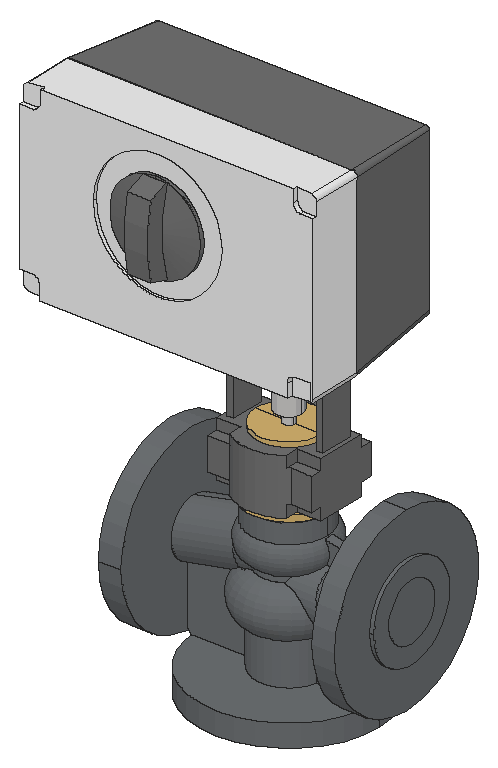
Revit family "VF3_DN15-DN100_AMV(E) 25(35)_RFA_1", category Pipe Accessories, Revit 2019
Family settings
  Round Connector Dimension = Use Diameter
  Part Type = Valve - Breaks Into
  OmniClass Number = 23.65.55.14.17
  OmniClass Title = Adjusting/Controlling Valves for Liquid Services
  Work Plane-Based = No
  Always vertical = Yes
  Cut with Voids When Loaded = No
  Shared = No
Parameters (values of type "VF3_DN15_Kv0.63_065Z0251")
  l_Top = 3 mm
  W = if(DN > 25 mm, D_Flange, (D_Flange / 2) + 63.5 mm)  # 111 mm
  Voltage = if(or(Actuator Type = [082G3024], Actuator Type = [082G3021]), 230 V, 24 V)  # 24 V
  V_SMALL LOD 200 = if(and(LOD 200, DN < 100 mm), 1 = 1, 1 = 0)  # no
  TL = L2 * 2  # 130 mm
  Power = if(or(Actuator Type = [082G3023], Actuator Type = [082G3024]), 2 VA, if(or(Actuator Type = [082G3020], Actuator Type = [082G3021]), 7 VA, if(Actuator Type = [082G3022], 9 VA, 4 VA)))  # 7 VA
  Nominal Pressure = "PN 16"  # constant formula
  L_EXT = 80 mm
  L = L2 * 2  # 130 mm
  HR = 27 mm
  ang2D [instance] = 0.00°
  Z = 22.25 mm
  Y1 = 15 mm
  Weight = 2.61 kg
  W2D = 15 mm
  W2 = 16 mm
  W1 = 17 mm
  Valve Body Material = Danfoss Grey Iron
  V_SMALL = if(and(LOD 350, DN < 100 mm), 1 = 1, 1 = 0)  # yes
  V_DN100 = if(DN > 80 mm, 1 = 1, 1 = 0)  # no
  Use Minimum Symbol Size [instance] = no
  URL = "https://store.danfoss.com/en/Climate-Solutions-for-heating/Motorised-Control-Valves-/Globe-Valves/Valves-for-Heating-and-Cooling/c/4105?q=%3Arelevance%3Adanfoss_producttypehierarchydesc%3Ae5a83680a2ce9032a48df51b56ab71b31be6d845%3Adanfoss_a50461501115_fts%3ATA1_1501116%3Adanfoss_a1015338478.nominal%3A15.0%3Adanfoss_a1015338478.nominal%3A20.0%3Adanfoss_a1015338478.nominal%3A25.0%3Adanfoss_a1015338478.nominal%3A32.0%3Adanfoss_a1015338478.nominal%3A40.0%3Adanfoss_a1015338478.nominal%3A65.0%3Adanfoss_a1015338478.nominal%3A80.0%3Adanfoss_a1015338478.nominal%3A100.0&page=0&pageSize=10"
  Stroke = "10 mm"
  R_arc = 30 mm
  R_Top = 12.5 mm
  R6_2 = 26 mm
  R6 = 22.5 mm
  R_Flow Pipe = 15 mm
  R4 = 2.75 mm
  R_Flange Bottom = 48 mm
  R2_Revolve = 6 mm
  R2 = 11 mm
  R1_Revolve = 9 mm
  R1_2 = 12.5 mm
  R1_1_1 = 15.5 mm
  R1_1 = 16 mm
  R1 = 20.5 mm
  R = 7.5 mm
  Pressure Drop [instance] = 0.0 bar
  Offset Flow Pipe_1 = 7 mm
  Offset Flow Pipe_2 = 6.47 mm
  N2 = 5 mm
  N1 = 12.7 mm
  N = 4
  Model Type = "VF3_DN15_Kv0.63"
  Model = "065Z0251"
  Min Medium Temperature = "-10 °C"  # constant formula
  Max Medium Temperature = "130 °C"  # constant formula
  Manufacturer = "Danfoss"  # constant formula
  M = 2 mm
  L_S = 48 mm
  LOD 350 = not(LOD 200)  # yes
  LOD 200 = no
  LM1 = 55 mm
  LM = 110 mm
  L2D_Min = 30.48 mm
  L2D = 130 mm
  L2 = 65 mm
  Kvs = 0.63 m³/h
  K = 65 mm
  IfcExportType = "VF3"  # constant formula
  IfcExportAs = "IfcValveType"  # constant formula
  HT2 = 23.5 mm
  HT1 = 42.75 mm
  HR1 = 23 mm
  TH1 = HH1 + 10 mm  # 95 mm
  HH1 = 85 mm
  HE1 = 54 mm
  HE = 0 mm
  HD = 14 mm
  HB3 = 2.5 mm
  HB2__ve = -HB2  # -8.5 mm
  HB2 = 8.5 mm
  HB1__ve = -HB1  # -40 mm
  HB1 = 40 mm
  H1 = 31 mm
  H2 = 95 mm
  H [instance] = 278.7 mm
  Flow [instance] = 0.0 m³/h
  Flange Bottom Depth = 12 mm
  EXT3 = 20 mm
  D_Connection End = 50 mm
  D_Flange = 95 mm
  Extrusion Top 2 = 5 mm
  Extrusion Top = 21 mm
  Extrusion Bottom = 48.5 mm
  EXT2 = -50 mm
  Description = "Motorized Control Valve"  # constant formula
  R_Vertical Valve = 18 mm
  DN15 to DN50 = if(and(DN > 10 mm, DN < 65 mm), 1 = 1, 1 = 0)  # yes
  DN = 15 mm
  D = DN  # 15 mm
  Connection = "Flange"  # constant formula
  C__ve = -C  # -2.5 mm
  CAT = 0
  C2_ve = -Depth_Flange  # -12 mm
  Depth_Flange = 12 mm
  C1 = 8 mm
  C = 2.5 mm
  HH2 = 63 mm
  Adapter assembly = 1.5 mm
  Adapter Type = Adapter_AMV(E)_RFA : Adapter_AMV(E) 15(25)(35)_DN15-50_065Z0311
  Actuator Type = AMV(E) 25(35)_RFA : AMV 35_082G3020
  A_Flow Pipe = 166.00°
  A2 = 47.1206°
  A3 = 13.00°
  A1_Flow Pipe = 168.00°
  A1 = 3 mm
  082G3022 = AMV(E) 25(35)_RFA : AME 35_082G3022
  082G3024 = AMV(E) 25(35)_RFA : AMV 25_082G3024
  082G3023 = AMV(E) 25(35)_RFA : AMV 25_082G3023
  082G3021 = AMV(E) 25(35)_RFA : AMV 35_082G3021
  082G3020 = AMV(E) 25(35)_RFA : AMV 35_082G3020
Reference planes
  plane 1 "Center (Front/Back)": y = 0
  plane 2 "XYPLANE": z = 0
  plane 3 "Center (Left/Right)": x = 0
  plane 4 "110": z = -40
  plane 5 "109": z = -63
  plane 6 "108": x = -62.5
  plane 7 "107": x = 65
  plane 8 "106": x = -65
  plane 9 "105": y = 0
  plane 10 "104": z = 0
  plane 11 "103": x = 0
  plane 12 "101": z = 85
  plane 13 "1": x = 62.5
  plane 14 "X1": z = 31
  plane 15 "X2": z = 31
  plane 16 "3": z = 54
  plane 17 "4": z = -60.5
  plane 18: z = 81.5
  plane 19: z = 79.5
  plane 20: x = 3
  plane 21: z = -48.5
  plane 22: z = -45.5
  plane 23: z = 21
  plane 24 "y1": x = 17.5
  plane 25: z = 5
  plane 26: x = 48
  plane 27: x = -16
  plane 28: x = -17.5
  plane 29: x = 85
  plane 30: x = -85
  plane 31: x = -55
  plane 32: x = 55
  plane 33: y = -85
  plane 34: y = 85
  plane 35: y = 55
  plane 36: y = -55
  plane 37: y = -47.5
  plane 38: y = 47.5
  plane 39: z = 32.5
  plane 40: y = -63.5
Forms (mm)
  Extrusion 1, solid, material "Danfoss Grey Iron" <- "Valve Body Material", detail levels fine
    sketch origin (0, 0, 0) x (1, 0, 0) y (0, 1, 0)
      loop
        circle (0, 0) r 18
    from -22.1 to -50 <- "EXT2"
  Extrusion 2, solid, material "Danfoss Grey Iron" <- "Valve Body Material", detail levels fine
    sketch origin (-65, -750, 0) x (0, 1, 0) y (0, 0, 1)
      loop
        circle (750, 0) r 25
    from 0 to 2.5 <- "C"
  Extrusion 3, solid, material "Danfoss Grey Iron" <- "Valve Body Material", detail levels fine
    sketch origin (65, -750, 0) x (0, 1, 0) y (0, 0, 1)
      loop
        circle (750, 0) r 25
    from 0 to -2.5 <- "C__ve"
  Extrusion 4, solid, material "Danfoss Grey Iron" <- "Valve Body Material", visible <- "V_SMALL", detail levels fine
    sketch origin (0, 0, 0) x (1, 0, 0) y (0, 1, 0)
      loop
        circle (0, 0) r 20.5
      loop
        circle (0, 0) r 16
    from 20 <- "EXT3" to 31 <- "H1"
  Extrusion 5, solid, not visible
    sketch origin (-750, 0, -63) x (1, 0, 0) y (0, 1, 0)
      loop
        circle (750, 0) r 10
    from 0 to 10
  Extrusion 6, solid, not visible
    sketch origin (65, -750, 0) x (0, 1, 0) y (0, 0, 1)
      loop
        circle (750, 0) r 10
    from 0 to -10
  Extrusion 7, solid, not visible
    sketch origin (-65, -750, 0) x (0, 1, 0) y (0, 0, 1)
      loop
        circle (750, 0) r 10
    from 0 to 10
  Extrusion 8, solid, material "Danfoss Grey Iron" <- "Valve Body Material", detail levels fine
    sketch origin (-62.5, -750, 0) x (0, 1, 0) y (0, 0, 1)
      loop
        circle (750, 0) r 47.5
    from 0 to 12 <- "Depth_Flange"
  Extrusion 9, solid, material "Danfoss Grey Iron" <- "Valve Body Material", detail levels fine
    sketch origin (62.5, 0, 0) x (0, 0, 1) y (0, -1, 0)
      loop
        circle (0, 0) r 47.5
    from 0 to -12 <- "C2_ve"
  Extrusion 10, solid, material "Danfoss Brass", visible <- "LOD 350", detail levels fine
    sketch origin (0, 0, 31) x (-1, 0, 0) y (0, -1, 0)
      loop
        circle (0, 0) r 12.5
    from -10 to 0 <- "HE"
  Extrusion 11, solid, material "Danfoss Brass", visible <- "LOD 350", detail levels fine
    sketch origin (0, 0, 31) x (-1, 0, 0) y (0, -1, 0)
      loop
        circle (0, 0) r 15.5
    from 0 to -10
  Extrusion 12, solid, material "Danfoss Grey Iron" <- "Valve Body Material", visible <- "LOD 350", detail levels fine
    sketch origin (0, 0, 0) x (1, 0, 0) y (0, 0, 1)
      loop
        line (-50.5, -45.5) -> (-47.714, -48.5) -> (47.714, -48.5) -> (50.5, -45.5) -> (50.5, 0) -> (-50.5, 0) -> (-50.5, -45.5)
    from -4 to 4
  Extrusion 13, solid, material "Danfoss Grey Iron" <- "Valve Body Material", detail levels fine
    sketch origin (0, 0, -60.5) x (-1, 0, 0) y (0, -1, 0)
      loop
        circle (0, 0) r 48
    from 0 to 12 <- "Flange Bottom Depth"
  Revolve 14, solid, material "Danfoss Grey Iron" <- "Valve Body Material", visible <- "V_SMALL LOD 200", detail levels fine
    sketch origin (0, 0, 0) x (1, 0, 0) y (0, 0, 1)
      loop
        line (0, 30) -> (0, -30)
        arc (0, -30) -> (21.213, -21.213) -> (30, 0) r 30
        arc (30, 0) -> (21.213, 21.213) -> (0, 30) r 30
      axis (0, 30) -> (0, -30)
    angle from 0 to 360
  Revolve 15, solid, material "Danfoss Stainless Steel AISI 304 / AISI 316L", detail levels fine
    sketch origin (0, 0, 0) x (1, 0, 0) y (0, 0, 1)
      loop
        line (0, 54) -> (3, 54) -> (3, 79.5) -> (2, 79.5) -> (2, 81.5) -> (3, 81.5) -> (3, 82.495) -> (1.246, 85) -> (0, 85) -> (0, 54)
      axis (0, 85) -> (0, 54)
    angle from 0 to 360
  Blend 16, solid, material "Danfoss Grey Iron" <- "Valve Body Material", detail levels fine
    base sketch origin (-750, 0, -63) x (1, 0, 0) y (0, 1, 0)
      loop
        circle (750, 0) r 22.5
    top sketch origin (-750, 0, -63) x (1, 0, 0) y (0, 1, 0)
      loop
        circle (750, 0) r 26
    from 0 to 2.5 <- "HB3"
  Sweep 17, solid, material "Danfoss Grey Iron" <- "Valve Body Material", detail levels fine
    path origin (0, 0, 0) x (1, 0, 0) y (0, 0, 1)
      loop
        line (-65, 0) -> (-50.5, 0) -> (-17.568, 7) -> (0, 7)
    profile origin (-57.75, 0, 0) x (0, 0, 1) y (0, -1, 0)
      loop
        circle (0, 0) r 15
  Sweep 18, solid, material "Danfoss Grey Iron" <- "Valve Body Material", detail levels fine
    path origin (0, 0, 0) x (1, 0, 0) y (0, 0, 1)
      loop
        line (69.52, 0) -> (52.304, 0) -> (26.352, -6.47) -> (0, -6.47)
    profile origin (60.912, 0, 0) x (0, 0, -1) y (0, -1, 0)
      loop
        circle (0, 0) r 15
  Extrusion 19, solid, material "Danfoss Brass", visible <- "LOD 350", detail levels fine
    sketch origin (0, 0, 31) x (-1, 0, 0) y (0, -1, 0)
      loop
        circle (0, 0) r 12.5
    from 0 to 23
  Extrusion 20, solid, material "Danfoss Grey Iron" <- "Valve Body Material", visible <- "LOD 350", detail levels fine
    sketch origin (0, 0, 0) x (1, 0, 0) y (0, 0, 1)
      loop
        line (17.5, 5) -> (50.5, 5) -> (50.5, 13.381) -> (17.5, 21) -> (17.5, 5)
    from -2.5 to 2.5
  Extrusion 21, void
    sketch origin (0, 0, 0) x (1, 0, 0) y (0, 0, 1)
      loop
        line (65, -40) -> (105, -40) -> (105, 21) -> (65, 21) -> (65, -40)
    from -48.024 to 48.024
  Extrusion 22, solid, material "Danfoss Brass", visible <- "LOD 200", detail levels fine
    sketch origin (0, 0, 31) x (-1, 0, 0) y (0, -1, 0)
      loop
        circle (0, 0) r 12.5
    from 0 to 23
  Extrusion 23, solid, material "Danfoss Grey Iron" <- "Valve Body Material", visible <- "LOD 200", detail levels fine
    sketch origin (0, 0, 0) x (1, 0, 0) y (0, 1, 0)
      loop
        circle (0, 0) r 20.5
    from 0 to 31
  Revolve 24, solid, material "Danfoss Grey Iron" <- "Valve Body Material", visible <- "V_SMALL", detail levels fine
    sketch origin (0, 0, 0) x (1, 0, 0) y (0, 0, 1)
      loop
        line (0, -27) -> (0, 23) -> (-17.5, 23)
        arc (-17.5, 23) -> (-23.469, 12.664) -> (-16, 3.354) r 10.57
        line (-16, 3.354) -> (-16, 0)
        arc (-16, 0) -> (-26.5, -13.5) -> (-16, -27) r 13.929
        line (-16, -27) -> (0, -27)
      axis (0, 23) -> (0, -27)
    angle from 0 to 360
  Extrusion 25, solid, material "Danfoss Grey Iron" <- "Valve Body Material", visible <- "V_DN100", detail levels fine
    sketch origin (0, 0, 0) x (1, 0, 0) y (0, 1, 0)
      loop
        arc (-55, 85) -> (-76.213, 76.213) -> (-85, 55) r 30
        line (-85, 55) -> (-85, -55)
        arc (-85, -55) -> (-76.213, -76.213) -> (-55, -85) r 30
        line (-55, -85) -> (55, -85)
        arc (55, -85) -> (76.213, -76.213) -> (85, -55) r 30
        line (85, -55) -> (85, 55)
        arc (85, 55) -> (76.213, 76.213) -> (55, 85) r 30
        line (55, 85) -> (-55, 85)
    from -72.476 to 72.5
Cuts and joins
  Extrusion 21 cuts Extrusion 3
  Extrusion 21 cuts Extrusion 6
  Extrusion 21 cuts Sweep 18
Lines and regions (mm)
  reference lines, not visible
    curve 1: circle (2, 2, 0) r 1 normal (0, 0, 1)
Dimensions and locks
  plane 1 "Center (Front/Back)" to curve 1 = 2 mm
  "HB1": plane 2 "XYPLANE" to plane 4 "110"
  "HH2": plane 2 "XYPLANE" to plane 5 "109"
  "C": plane 8 "106" to plane 6 "108"
  "L2": plane 3 "Center (Left/Right)" to plane 7 "107"
  "L2": plane 3 "Center (Left/Right)" to plane 8 "106"
  locked: plane 1 "Center (Front/Back)" to plane 9 "105"
  locked: plane 2 "XYPLANE" to plane 10 "104"
  locked: plane 3 "Center (Left/Right)" to plane 11 "103"
  "C": plane 13 "1" to plane 7 "107"
  "H1": plane 14 "X1" to level
  "HE": plane 15 "X2" to plane 14 "X1"
  "HH1": plane 12 "101" to level
  "HE1": plane 16 "3" to level
  plane 18 to plane 19 = 2 mm
  plane 12 "101" to plane 18 = 3.5 mm
  plane 20 to plane 11 "103" = 3 mm
  Revolve 15 sketch curve to Revolve 15 sketch curve = 1 mm  (x2)
  Revolve 15 sketch curve to Revolve 15 sketch curve = 0.995 mm
  "HB3": plane 17 "4" to plane 5 "109"
  "Offset Flow Pipe_1": Sweep 17 sketch curve to Sweep 17 sketch curve
  plane 7 "107" to plane 8 "106" = 130 mm
  "Extrusion Bottom": level to plane 21
  "A1": plane 22 to plane 21
  Extrusion 12 sketch curve to plane 21 = 0 mm  (x2)
  Extrusion 12 sketch curve to plane 22 = 0 mm
  "Offset Flow Pipe_2": Extrusion 12 to Sweep 18 sketch curve
  Sweep 18 sketch curve to Sweep 18 sketch curve = 26.352 mm
  "Extrusion Top": plane 23 to level
  "Extrusion Top 2": plane 25 to level
  Extrusion 20 sketch curve to plane 23 = 0 mm
  Extrusion 21 sketch curve to plane 7 "107" = 40 mm
  "L_S": plane 26 to plane 3 "Center (Left/Right)"
  "W2": plane 3 "Center (Left/Right)" to plane 27
  Revolve 24 sketch curve to Revolve 24 sketch curve = 3.354 mm
  "R1_Revolve": plane 28 to Revolve 24 sketch curve
  "R2_Revolve": plane 28 to Revolve 24 sketch curve
  "HR": level to Revolve 24 sketch curve
  "HR1": Revolve 24 sketch curve to level
  "l_Top": plane 20 to plane 11 "103"
  locked: plane 30 to plane 29 at 170
  equal spacing: plane 30, plane 11 "103", plane 29
  locked: plane 33 to plane 34 at 170
  equal spacing: plane 33, plane 9 "105", plane 34
  "L_EXT": plane 24 "y1" to plane 6 "108"
  "H": nested 2 to plane 5 "109"
  equal spacing: plane 37, plane 1 "Center (Front/Back)", plane 38
  "D_Flange": plane 37 to plane 38
  "Adapter assembly": plane 39 to plane 15 "X2"
  locked: nested 2 to plane 39 at 3.2
  "W": plane 40 to plane 38
  "R_Vertical Valve": radius of Extrusion 1 sketch curve
  "D_Connection End": diameter of Extrusion 2 sketch curve
  "D_Connection End": diameter of Extrusion 3 sketch curve
  "R1": radius of Extrusion 4 sketch curve
  "D_Flange": diameter of Extrusion 8 sketch curve
  "R1_1": radius of Extrusion 4 sketch curve
  "R1_2": radius of Extrusion 10 sketch curve
  "R1_1_1": radius of Extrusion 11 sketch curve
  "R_Flange Bottom": radius of Extrusion 13 sketch curve
  "R_arc": radius of Revolve 14 sketch curve  (x2)
  "R6": radius of Blend 16 sketch curve
  "R6_2": radius of Blend 16 sketch curve
  "D_Flange": diameter of Extrusion 9 sketch curve
  "R_Flow Pipe": radius of Sweep 17 sketch curve
  "R_Flow Pipe": radius of Sweep 18 sketch curve
  "R_Top": radius of Extrusion 19 sketch curve
  "R_Top": radius of Extrusion 22 sketch curve
  "R1": radius of Extrusion 23 sketch curve
  radius of Extrusion 25 sketch curve = 30 mm  (x4)
  "A1_Flow Pipe": angle Sweep 17 sketch curve to level
  "A3": angle Extrusion 20 sketch curve to plane 23
  "A2": angle Extrusion 12 sketch curve to plane 21
  "A2": angle plane 21 to Extrusion 12 sketch curve
  "A_Flow Pipe": angle Sweep 18 sketch curve to level
  aligned and locked: level to plane 2 "XYPLANE"
  aligned and locked: plane 9 "105" to Extrusion 1 sketch curve
  aligned and locked: plane 11 "103" to Extrusion 1 sketch curve
  aligned and locked: Extrusion 2 sketch curve to plane 9 "105"
  aligned and locked: plane 10 "104" to Extrusion 2 sketch curve
  aligned and locked: Extrusion 3 sketch curve to plane 9 "105"
  aligned and locked: plane 10 "104" to Extrusion 3 sketch curve
  aligned and locked: plane 9 "105" to Extrusion 4 sketch curve
  aligned and locked: plane 11 "103" to Extrusion 4 sketch curve
  aligned and locked: plane 9 "105" to Extrusion 5 sketch curve
  aligned and locked: plane 11 "103" to Extrusion 5 sketch curve
  aligned and locked: Extrusion 6 sketch curve to plane 9 "105"
  aligned and locked: plane 10 "104" to Extrusion 6 sketch curve
  aligned and locked: Extrusion 7 sketch curve to plane 9 "105"
  aligned and locked: plane 10 "104" to Extrusion 7 sketch curve
  aligned and locked: plane 1 "Center (Front/Back)" to Extrusion 8 sketch curve
  aligned and locked: plane 1 "Center (Front/Back)" to Extrusion 9 sketch curve
  aligned and locked: plane 3 "Center (Left/Right)" to Extrusion 10 sketch curve
  aligned and locked: Extrusion 8 to Extrusion 12 sketch curve
  aligned and locked: Extrusion 9 to Extrusion 12 sketch curve
  aligned and locked: Extrusion 12 sketch curve to level
  aligned and locked: plane 3 "Center (Left/Right)" to Extrusion 13 sketch curve
  aligned and locked: Revolve 14 sketch curve to plane 3 "Center (Left/Right)"
  aligned and locked: level to Revolve 14 sketch curve
  aligned and locked: Revolve 14 sketch curve to Revolve 14 sketch curve
  aligned and locked: Revolve 15 sketch curve to plane 16 "3"
  aligned and locked: Revolve 15 sketch curve to plane 11 "103"
  aligned and locked: Revolve 15 sketch curve to plane 20
  aligned and locked: Revolve 15 sketch curve to plane 19
  aligned and locked: Revolve 15 sketch curve to plane 12 "101"
  aligned and locked: plane 18 to Revolve 15 sketch curve
  aligned and locked: plane 16 "3" to Revolve 15 sketch curve
  aligned and locked: plane 12 "101" to Revolve 15 sketch curve
  aligned and locked: plane 3 "Center (Left/Right)" to Blend 16 sketch curve  (x2)
  aligned and locked: Sweep 17 sketch curve to plane 8 "106"
  aligned and locked: plane 1 "Center (Front/Back)" to Sweep 17 sketch curve
  aligned and locked: Sweep 17 sketch curve to plane 2 "XYPLANE"
  aligned and locked: Extrusion 8 to Sweep 17 sketch curve
  aligned and locked: plane 1 "Center (Front/Back)" to Sweep 18 sketch curve
  aligned and locked: plane 3 "Center (Left/Right)" to Sweep 17 sketch curve
  aligned and locked: plane 3 "Center (Left/Right)" to Sweep 18 sketch curve
  aligned and locked: plane 25 to Extrusion 20 sketch curve
  aligned and locked: plane 24 "y1" to Extrusion 20 sketch curve
  aligned and locked: Extrusion 9 to Extrusion 20 sketch curve
  aligned and locked: Extrusion 21 sketch curve to plane 4 "110"
  aligned and locked: Extrusion 21 sketch curve to plane 7 "107"
  aligned and locked: Extrusion 12 sketch curve to plane 21
  aligned and locked: plane 22 to Extrusion 12 sketch curve
  aligned and locked: plane 16 "3" to Extrusion 22
  aligned and locked: plane 15 "X2" to Extrusion 23
  aligned and locked: Extrusion 11 to plane 23
  aligned and locked: plane 28 to Revolve 24 sketch curve
  aligned and locked: Revolve 24 sketch curve to plane 27
  aligned and locked: plane 3 "Center (Left/Right)" to Revolve 24 sketch curve
  aligned and locked: level to Revolve 24 sketch curve
  aligned and locked: Extrusion 4 to Revolve 24 sketch curve
  aligned and locked: Revolve 24 sketch curve to plane 11 "103"
  aligned and locked: level to Sweep 18 sketch curve
  aligned and locked: plane 34 to Extrusion 25 sketch curve
  aligned and locked: Extrusion 25 sketch curve to plane 33
  aligned and locked: plane 30 to Extrusion 25 sketch curve
  aligned and locked: plane 3 "Center (Left/Right)" to nested 1
  aligned and locked: plane 16 "3" to Extrusion 19
  aligned and locked: Extrusion 10 to plane 23
  aligned and locked: nested 2 to plane 9 "105"
  aligned and locked: plane 11 "103" to nested 2
  aligned and locked: plane 11 "103" to nested 3
  aligned and locked: nested 3 to plane 9 "105"
  aligned and locked: nested 3 to plane 39
Automatic sketch dimensions
  plane 1 "Center (Front/Back)" to Extrusion 5 sketch curve = 10 mm
  plane 1 "Center (Front/Back)" to Extrusion 6 sketch curve = 10 mm
  plane 1 "Center (Front/Back)" to Extrusion 7 sketch curve = 10 mm
  plane 3 "Center (Left/Right)" to curve 1 = 2 mm
  Extrusion 21 sketch curve to plane 23 = 0 mm
  Extrusion 25 sketch curve to plane 32 = 0 mm
  Extrusion 4 sketch curve to Extrusion 4 sketch curve = 0 mm  (x2)
  Extrusion 8 sketch curve to level = 0 mm
  Extrusion 9 sketch curve to level = 0 mm
  plane 1 "Center (Front/Back)" to Extrusion 10 sketch curve = 0 mm
  plane 1 "Center (Front/Back)" to Extrusion 11 sketch curve = 0 mm
  Extrusion 11 sketch curve to plane 3 "Center (Left/Right)" = 0 mm
  plane 1 "Center (Front/Back)" to Extrusion 13 sketch curve = 0 mm
  Revolve 14 sketch curve to plane 4 "110" = 0 mm
  Revolve 14 sketch curve to plane 14 "X1" = 0 mm
  Revolve 15 sketch curve to plane 3 "Center (Left/Right)" = 0 mm
  Revolve 15 sketch curve to Revolve 15 sketch curve = 1.246 mm
  plane 1 "Center (Front/Back)" to Blend 16 sketch curve = 0 mm  (x2)
  profile plane to Sweep 17 sketch curve = 0 mm
  plane 7 "107" to Sweep 18 sketch curve = 4.52 mm
  Sweep 18 sketch curve to profile plane = 0 mm
  plane 1 "Center (Front/Back)" to Extrusion 19 sketch curve = 0 mm
  Extrusion 19 sketch curve to plane 3 "Center (Left/Right)" = 0 mm
  plane 1 "Center (Front/Back)" to Extrusion 22 sketch curve = 0 mm
  Extrusion 22 sketch curve to plane 3 "Center (Left/Right)" = 0 mm
  plane 1 "Center (Front/Back)" to Extrusion 23 sketch curve = 0 mm
  Extrusion 23 sketch curve to plane 3 "Center (Left/Right)" = 0 mm
  Revolve 24 sketch curve to plane 27 = 0 mm
  Revolve 24 sketch curve to plane 4 "110" = 0.457 mm
  radius of curve 1 = 1 mm
Nested families
  nested 1: "Schematic_3-Way Valve_Flange" at (0, 0, 0), type "Schematic_3-Way Valve_Flange", detail levels coarse+medium
    with L_1 43.333 mm, L1 8.125 mm, L 130 mm, H1 63 mm, H 85 mm, D1 48 mm
  nested 2: "AMV(E) 25(35)_RFA" at (0, 0, 35.7), LOD 200 <- "LOD 200", type <- "Actuator Type", Voltage <- "Voltage", Power <- "Power", visible <- "DN15 to DN50", type "AMV 35_082G3020", detail levels fine
    with Voltage 24 V, Power 7 VA, LOD 350 yes, LOD 200 no
  nested 3: "Adapter_AMV(E)_RFA" at (0, 0, 32.5), type <- "Adapter Type", visible <- "DN15 to DN50", type "Adapter_AMV(E) 15(25)(35)_DN15-50_065Z0311", detail levels fine
Connectors
  piping at (-65, 0, 0), diameter 15, driven by "D", driven by "Flow"
    settings: on Extrusion 7, index 1, connector inside diameter 609.6 mm, connector length 0 mm, flow factor 0, pipe flow 0.0 m³/h, pressure drop 0.0 bar, fitting loss kfactor 0, connector angle 0.00°, fixture units 0, engagement length 0 mm, angle of deflection 0.00°, flow configuration 0, flow direction 0, fitting loss method 0, system type 29, joint type 0, gender type 0, connector reference index 2, connector utility 0, adjustable connector no, is connector primary yes, connector description ""
  piping at (65, 0, 0), diameter 15, driven by "D", driven by "Flow"
    settings: on Extrusion 6, index 2, connector inside diameter 609.6 mm, connector length 0 mm, flow factor 0, pipe flow 0.0 m³/h, pressure drop 0.0 bar, fitting loss kfactor 0, connector angle 0.00°, fixture units 0, engagement length 0 mm, angle of deflection 0.00°, flow configuration 0, flow direction 0, fitting loss method 0, system type 29, joint type 0, gender type 0, connector reference index 1, connector utility 0, adjustable connector no, is connector primary no, connector description ""
  piping at (0, 0, -63), diameter 15, driven by "D", driven by "Flow"
    settings: on Extrusion 5, index 3, connector inside diameter 609.6 mm, connector length 0 mm, flow factor 0, pipe flow 0.0 m³/h, pressure drop 0.0 bar, fitting loss kfactor 0, connector angle 0.00°, fixture units 0, engagement length 0 mm, angle of deflection 0.00°, flow configuration 0, flow direction 0, fitting loss method 0, system type 29, joint type 0, gender type 0, connector reference index -1, connector utility 0, adjustable connector no, is connector primary no, connector description ""
  electrical at (0, 0, 0), driven by "Voltage", driven by "Power"
    settings: index 21, voltage 24 V, apparent load 0 VA, apparent load phase1 7 VA, apparent load phase2 0 VA, apparent load phase3 0 VA, power factor 0.95, load classification "HVAC", number of poles 1, system type 31, power factor state 1, is connector primary yes, connector utility no, sub classification motor no, connector description ""
Definition of nested family "AMV(E) 25(35)_RFA"
  Parameters (values of type "AME 25_082G3025")
    Weight = 1.70 kg
    W = 99 mm  # constant formula
    Voltage [instance] = 24 V
    URL = "https://store.danfoss.com/en/Climate-Solutions-for-heating/Motorised-Control-Valves/Actuators-for-Globe-Valves/Actuators-Without-Safety-Function/c/4109?q=%3Arelevance%3Adanfoss_producttypehierarchydesc%3AAME+25%3Adanfoss_producttypehierarchydesc%3AAME+35%3Adanfoss_producttypehierarchydesc%3AAMV+25%3Adanfoss_producttypehierarchydesc%3AAMV+35&text="
    Speed = "11 s/mm"
    Safety Function = "No"
    Power Supply = "24 V AC +10 to –15%"
    Power Consumption = "4 W"
    Power [instance] = 4 VA
    Output Signal = "0-10 V"
    Model Type = "AME 25"
    Model = "082G3025"
    Min Ambient Temperature = "0 °C"  # constant formula
    Max Stroke = 15 mm  # constant formula
    Max Medium Temperature = "150 °C"  # constant formula
    Max Ambient Temperature = "55 °C"  # constant formula
    Manufacturer = "Danfoss"  # constant formula
    LOD 350 [instance] = not(LOD 200)  # yes
    LOD 200 [instance] = no
    L = 155 mm
    IfcExportType = "AME 25"
    IfcExportAs = "IfcActuatorType"  # constant formula
    H = 180 mm
    Description = "Actuator"  # constant formula
    Control Input Signal = "0-10 V/ 0-20 mA"
    Closing Force = "1000 N"
    Body Material = none
  Types (7, lengths in mm): name | Weight | Voltage | Speed | Power Supply | Power Consumption | Power | Output Signal | Model Type | Model | IfcExportType | Control Input Signal | Closing Force
    (no name) | 1.70 kg | 24 V | "11 s/mm" | "24 V AC +10 to –15%" | "4 W" | 4 VA | "0-10 V" | "AME 25" | "082G3025" | "AME 25" | "0-10 V/ 0-20 mA" | "1000 N"
    AMV 35_082G3020 | 1.55 kg | 24 V | "3 s/mm" | "24 V AC, +10 to –15 %" | "7 W" | 7 VA | "End travel position feedback" | "AMV 35" | "082G3020" | "AMV 35" | "3-point triac control" | "600 N"
    AMV 25_082G3023 | 1.55 kg | 24 V | "11 s/mm" | "24 V AC, +10 to –15 %" | "2 W" | 2 VA | "End travel position feedback" | "AMV 25" | "082G3023" | "AMV 25" | "3-point triac control" | "1000 N"
    AMV 35_082G3021 | 1.55 kg | 230 V | "3 s/mm" | "230 V AC, +10 to –15 %" | "7 W" | 7 VA | "End travel position feedback" | "AMV 35" | "082G3021" | "AMV 35" | "3-point triac control" | "600 N"
    AMV 25_082G3024 | 1.55 kg | 230 V | "11 s/mm" | "230 V AC, +10 to –15 %" | "2 W" | 2 VA | "End travel position feedback" | "AMV 25" | "082G3024" | "AMV 25" | "3-point triac control" | "1000 N"
    AME 25_082G3025 | 1.70 kg | 24 V | "11 s/mm" | "24 V AC +10 to –15%" | "4 W" | 4 VA | "0-10 V" | "AME 25" | "082G3025" | "AME 25" | "0-10 V/ 0-20 mA" | "1000 N"
    AME 35_082G3022 | 1.70 kg | 24 V | "3 s/mm" | "24 V AC +10 to –15%" | "9 W" | 9 VA | "0-10 V" | "AME 35" | "082G3022" | "AME 35" | "0-10 V/ 0-20 mA" | "600 N"
  Reference planes
    plane 1 "Center (Front/Back)": y = 0
    plane 2: z = 0
    plane 3 "Center (Left/Right)": x = 0
    plane 4: z = 180
    plane 5: x = 28
    plane 6 "1": x = -28
    plane 7: x = 51
    plane 8: x = -104
    plane 9: z = 74
    plane 10: z = 29.5
    plane 11: y = -63.5
    plane 12: y = -52.5
    plane 13: y = 35.5
    plane 14: y = 23
    plane 15: y = -23
    plane 16: x = 22
    plane 17: x = -22
    plane 18: x = 46
    plane 19: x = -99
    plane 20: z = 79
    plane 21: z = 175
    plane 22: z = 176
    plane 23: z = 78
    plane 24: y = -47.5
    plane 25: z = 173.2
    plane 26: z = 80.8
    plane 27: z = 134.5
    plane 28 "2": x = -31
    plane 29: x = -97
    plane 30: x = 44
    plane 31: x = -71.6
    plane 32: x = 11
    plane 33: y = -18.5
  Forms (mm)
    Extrusion 1, solid, material <- "Body Material", visible <- "LOD 350"
      sketch origin (0, 0, 0) x (1, 0, 0) y (0, 1, 0)
        loop
          arc (-16.248, -19) -> (0, -25) -> (16.248, -19) r 25
          line (16.248, -19) -> (27.62, -19) -> (27.62, 20) -> (15, 20)
          arc (15, 20) -> (0, 25) -> (-15, 20) r 25
          line (-15, 20) -> (-27.62, 20) -> (-27.62, -19) -> (-16.248, -19)
      from 0 to 29.5
    Extrusion 2, solid, material <- "Body Material", visible <- "LOD 350"
      sketch origin (0, 0, 0) x (1, 0, 0) y (0, 0, 1)
        loop
          line (22, 66.67) -> (22, 29.5) -> (25.4, 29.5) -> (25.4, 66.67) -> (22, 66.67)
      from -9 to 9
    Extrusion 3, solid, material <- "Body Material", visible <- "LOD 350"
      sketch origin (0, 0, 0) x (-1, 0, 0) y (0, 0, -1)
        loop
          line (22, -66.67) -> (25.4, -66.67) -> (25.4, -29.5) -> (22, -29.5) -> (22, -66.67)
      from -9 to 9
    Blend 4, solid, visible <- "LOD 350"
      base sketch origin (0, 0, 0) x (1, 0, 0) y (0, 0, 1)
        loop
          line (51, 80.879) -> (51, 173.2)
          arc (51, 173.2) -> (50.295, 175.174) -> (48.5, 176.255) r 3.117
          arc (48.5, 176.255) -> (-26.5, 180.013) -> (-101.5, 176.255) r 750.263
          arc (-101.5, 176.255) -> (-103.295, 175.174) -> (-104, 173.2) r 3.117
          line (-104, 173.2) -> (-104, 80.8)
          arc (-104, 80.8) -> (-103.295, 78.826) -> (-101.5, 77.745) r 3.117
          arc (-101.5, 77.745) -> (-26.535, 73.991) -> (48.429, 77.738) r 751.077
          arc (48.429, 77.738) -> (50.275, 78.849) -> (51, 80.879) r 3.204
      top sketch origin (0, 0, 0) x (1, 0, 0) y (0, 0, 1)
        loop
          line (-104, 173.2) -> (-104, 80.8)
          arc (-104, 80.8) -> (-103.295, 78.826) -> (-101.5, 77.745) r 3.117
          arc (-101.5, 77.745) -> (-26.535, 73.991) -> (48.429, 77.738) r 751.077
          arc (48.429, 77.738) -> (50.275, 78.849) -> (51, 80.879) r 3.204
          line (51, 80.879) -> (51, 173.2)
          arc (51, 173.2) -> (50.295, 175.174) -> (48.5, 176.255) r 3.117
          arc (48.5, 176.255) -> (-26.5, 180.013) -> (-101.5, 176.255) r 750.263
          arc (-101.5, 176.255) -> (-103.295, 175.174) -> (-104, 173.2) r 3.117
      from 18.5 to 47.5
    Revolve 5, solid, material <- "Body Material", visible <- "LOD 350"
      sketch origin (-31, 0, 0) x (0, 0, 1) y (0, -1, 0)
        loop
          line (158.578, 47.5) -> (158.578, 49.125) -> (140.681, 52.5) -> (134.5, 52.5) -> (134.5, 47.5) -> (158.578, 47.5)
        axis (134.5, 47.5) -> (134.5, 52.5)
      angle from 0 to 360
    Extrusion 6, solid, material <- "Body Material", visible <- "LOD 350"
      sketch origin (0, 0, 0) x (0, 1, 0) y (0, 0, 1)
        loop
          arc (-60.012, 154.017) -> (-62.138, 134.481) -> (-59.912, 114.956) r 88.747
          line (-59.912, 114.956) -> (-49.125, 111.369)
          arc (-49.125, 111.369) -> (-52.74, 134.5) -> (-49.125, 157.631) r 75.818
          line (-49.125, 157.631) -> (-60.012, 154.017)
      from -37 to -25
    Extrusion 7, void
      sketch origin (0, 0, 0) x (1, 0, 0) y (0, 0, 1)
        loop
          circle (-31, 134.5) r 34.064
      from 46 to 47.5
    Extrusion 8, void
      sketch origin (0, 0, 0) x (1, 0, 0) y (0, 0, 1)
        loop
          line (-105.641, 75.49) -> (-93.5, 75.49) -> (-93.5, 84.02)
          arc (-93.5, 84.02) -> (-94.489, 86.765) -> (-97, 88.25) r 4.307
          line (-97, 88.25) -> (-105.641, 88.25) -> (-105.641, 75.49)
        loop
          line (49.641, 75.49) -> (49.641, 88.25) -> (41, 88.25)
          arc (41, 88.25) -> (38.489, 86.765) -> (37.5, 84.02) r 4.307
          line (37.5, 84.02) -> (37.5, 75.49) -> (49.641, 75.49)
        loop
          line (-105.328, 179.135) -> (-105.328, 166.375) -> (-96.687, 166.375)
          arc (-96.687, 166.375) -> (-94.176, 167.86) -> (-93.188, 170.605) r 4.307
          line (-93.188, 170.605) -> (-93.188, 179.135) -> (-105.328, 179.135)
        loop
          line (52.766, 179.135) -> (40.625, 179.135) -> (40.625, 170.605)
          arc (40.625, 170.605) -> (41.614, 167.86) -> (44.125, 166.375) r 4.307
          line (44.125, 166.375) -> (52.766, 166.375) -> (52.766, 179.135)
      from 45 to 47.5
    Extrusion 9, void
      sketch origin (0, 0, 0) x (1, 0, 0) y (0, 0, 1)
        loop
          line (-31, 6.656) -> (-31, 0) -> (-15, 0) -> (-15, 6.656) -> (-31, 6.656)
        loop
          line (-31, 29.5) -> (-31, 23.7) -> (-14.998, 23.7) -> (-14.998, 29.5) -> (-31, 29.5)
        loop
          line (31, 6.656) -> (15, 6.656) -> (15, 0) -> (31, 0) -> (31, 6.656)
        loop
          line (31, 29.5) -> (14.998, 29.5) -> (14.998, 23.7) -> (31, 23.7) -> (31, 29.5)
      from 13 to 23
    Extrusion 10, void
      sketch origin (0, 0, 20) x (1, 0, 0) y (0, 0, 1)
        loop
          line (-31, -13.344) -> (-31, -20) -> (-15, -20) -> (-15, -13.344) -> (-31, -13.344)
        loop
          line (-31, 9.5) -> (-31, 3.075) -> (-14.998, 3.075) -> (-14.998, 9.5) -> (-31, 9.5)
        loop
          line (31, -13.344) -> (15, -13.344) -> (15, -20) -> (31, -20) -> (31, -13.344)
        loop
          line (31, 9.5) -> (14.998, 9.5) -> (14.998, 3.075) -> (31, 3.075) -> (31, 9.5)
      from -23 to -13
    Blend 11, solid, material <- "Body Material", visible <- "LOD 350"
      base sketch origin (0, 0, 0) x (1, 0, 0) y (0, 0, 1)
        loop
          line (46, 84.457) -> (46, 169.923)
          arc (46, 169.923) -> (45.381, 171.333) -> (44, 172.016) r 2.252
          arc (44, 172.016) -> (-26.5, 175.001) -> (-97, 172.016) r 833.803
          arc (-97, 172.016) -> (-98.399, 171.314) -> (-99, 169.868) r 2.245
          line (-99, 169.868) -> (-99, 84.555)
          arc (-99, 84.555) -> (-98.521, 83.217) -> (-97.303, 82.487) r 2.109
          arc (-97.303, 82.487) -> (-26.456, 78.998) -> (44.391, 82.496) r 720.254
          arc (44.391, 82.496) -> (45.546, 83.189) -> (46, 84.457) r 2
      top sketch origin (0, 0, 0) x (1, 0, 0) y (0, 0, 1)
        loop
          line (-104, 173.2) -> (-104, 80.8)
          arc (-104, 80.8) -> (-103.295, 78.826) -> (-101.5, 77.745) r 3.117
          arc (-101.5, 77.745) -> (-26.535, 73.991) -> (48.429, 77.738) r 751.077
          arc (48.429, 77.738) -> (50.275, 78.849) -> (51, 80.879) r 3.204
          line (51, 80.879) -> (51, 173.2)
          arc (51, 173.2) -> (50.295, 175.174) -> (48.5, 176.255) r 3.117
          arc (48.5, 176.255) -> (-26.5, 180.013) -> (-101.5, 176.255) r 750.263
          arc (-101.5, 176.255) -> (-103.295, 175.174) -> (-104, 173.2) r 3.117
      from -35.5 to 18.5
    Extrusion 12, solid, material <- "Body Material", visible <- "LOD 200"
      sketch origin (0, 0, 0) x (0, 1, 0) y (0, 0, 1)
        loop
          line (-18.5, 180) -> (-18.5, 74) -> (35.5, 74) -> (35.5, 180) -> (-18.5, 180)
      from -104 to 51
    Extrusion 13, solid, material <- "Body Material", visible <- "LOD 200"
      sketch origin (0, 0, 0) x (1, 0, 0) y (0, 1, 0)
        loop
          line (28, 23) -> (-28, 23) -> (-28, -23) -> (28, -23) -> (28, 23)
      from 0 to 29.5
    Extrusion 14, solid, visible <- "LOD 200"
      sketch origin (0, 0, 0) x (1, 0, 0) y (0, 0, 1)
        loop
          line (-104, 180) -> (-104, 74) -> (51, 74) -> (51, 180) -> (-104, 180)
      from 18.5 to 47.5
    Extrusion 15, solid, material <- "Body Material", visible <- "LOD 200"
      sketch origin (0, 0, 0) x (1, 0, 0) y (0, 0, 1)
        loop
          line (-22, 74) -> (-25.625, 74) -> (-25.625, 29.5) -> (-22, 29.5) -> (-22, 74)
        loop
          line (22, 74) -> (22, 29.5) -> (25.625, 29.5) -> (25.625, 74) -> (22, 74)
      from -9.158 to 8.842
    Extrusion 16, solid, material <- "Body Material", visible <- "LOD 350"
      sketch origin (0, 0, 0) x (1, 0, 0) y (0, 1, 0)
        loop
          arc (-34.009, -3.471) -> (-33.748, -4.299) -> (-33.059, -4.828) r 1.445
          line (-33.059, -4.828) -> (-6.897, -15.933)
          arc (-6.897, -15.933) -> (-0.134, -17.309) -> (6.63, -15.933) r 17.31
          line (6.63, -15.933) -> (33.124, -4.803)
          arc (33.124, -4.803) -> (33.768, -4.27) -> (34.009, -3.471) r 1.445
          line (34.009, -3.471) -> (34.009, 3.471)
          arc (34.009, 3.471) -> (33.766, 4.277) -> (33.116, 4.814) r 1.457
          line (33.116, 4.814) -> (6.343, 16.053)
          arc (6.343, 16.053) -> (-0.134, 17.371) -> (-6.61, 16.053) r 16.576
          line (-6.61, 16.053) -> (-32.954, 4.871)
          arc (-32.954, 4.871) -> (-33.716, 4.347) -> (-34.009, 3.471) r 1.457
          line (-34.009, 3.471) -> (-34.009, -3.471)
      from 66.67 to 79
    Revolve 17, solid, material <- "Body Material", visible <- "LOD 350"
      sketch origin (0, 0, 0) x (1, 0, 0) y (0, 0, 1)
        loop
          line (0, 79) -> (0, 49.15) -> (4, 49.15) -> (4, 55.05) -> (1.999, 55.05) -> (1.999, 57.174) -> (8, 57.174) -> (8, 79) -> (0, 79)
        axis (0, 79) -> (0, 49.15)
      angle from 0 to 360
  Cuts and joins
    Extrusion 7, Extrusion 8 cuts Blend 4
    Extrusion 9, Extrusion 10 cuts Extrusion 1
  Dimensions and locks
    "H": plane 4 to level
    "L": plane 7 to plane 8
    locked: plane 5 to plane 6 "1" at 56
    equal spacing: plane 5, plane 3 "Center (Left/Right)", plane 6 "1"
    locked: plane 4 to plane 9 at 106
    plane 1 "Center (Front/Back)" to plane 12 = 52.5 mm
    locked: plane 13 to plane 12 at 88
    locked: plane 17 to plane 6 "1" at 6
    locked: plane 5 to plane 16 at 6
    plane 18 to plane 19 = 145 mm
    locked: plane 4 to plane 27 at 45.5
    locked: plane 3 "Center (Left/Right)" to plane 28 "2" at 31
    Extrusion 9 sketch curve to Extrusion 9 sketch curve to Extrusion 9 sketch curve = 16.002 mm, 0 mm
    Extrusion 9 sketch curve to Extrusion 9 sketch curve to Extrusion 9 sketch curve = 16 mm, 30 mm
    Extrusion 9 sketch curve to Extrusion 9 sketch curve = 29.996 mm
    Extrusion 9 sketch curve to Extrusion 9 sketch curve = 16.002 mm
    equal spacing: Extrusion 9 sketch curve, Extrusion 9 sketch curve, Extrusion 9 sketch curve
    Extrusion 10 sketch curve to Extrusion 10 sketch curve to Extrusion 10 sketch curve = 16.002 mm, 0 mm
    Extrusion 10 sketch curve to Extrusion 10 sketch curve to Extrusion 10 sketch curve = 16 mm, 30 mm
    Extrusion 10 sketch curve to Extrusion 10 sketch curve = 29.996 mm
    Extrusion 10 sketch curve to Extrusion 10 sketch curve = 16.002 mm
    equal spacing: Extrusion 10 sketch curve, Extrusion 10 sketch curve, Extrusion 10 sketch curve
    locked: plane 1 "Center (Front/Back)" to plane 33 at 18.5
    locked: Extrusion 3 to plane 10 at 37.17
    plane 24 to plane 1 "Center (Front/Back)" = 47.5 mm
    plane 11 to plane 24 = 16 mm
    plane 12 to plane 24 = 5 mm
    "W": plane 11 to plane 13
    radius of Extrusion 1 sketch curve = 25 mm  (x2)
    radius of Extrusion 7 sketch curve = 34.064 mm
    radius of Blend 11 sketch curve = 2 mm
    radius of Blend 11 sketch curve = 2.109 mm
    radius of Blend 11 sketch curve = 2.252 mm
    radius of Blend 11 sketch curve = 2.245 mm
    aligned and locked: level to plane 2
    aligned and locked: plane 3 "Center (Left/Right)" to Extrusion 1 sketch curve
    aligned and locked: plane 1 "Center (Front/Back)" to Extrusion 1 sketch curve
    aligned and locked: plane 10 to Extrusion 1
    aligned and locked: Extrusion 2 sketch curve to plane 16
    aligned and locked: Extrusion 2 sketch curve to plane 10
    aligned and locked: Extrusion 3 sketch curve to plane 17
    aligned and locked: Blend 4 sketch curve to plane 8
    aligned and locked: Blend 4 sketch curve to plane 7
    aligned and locked: plane 24 to Blend 4
    aligned and locked: plane 24 to Revolve 5 sketch curve
    aligned and locked: plane 27 to Revolve 5 sketch curve
    aligned and locked: plane 12 to Revolve 5 sketch curve
    aligned and locked: Revolve 5 sketch curve to plane 27
    aligned and locked: Extrusion 6 to Revolve 5
    aligned and locked: plane 28 "2" to Extrusion 7 sketch curve
    aligned and locked: plane 27 to Extrusion 7 sketch curve
    aligned and locked: plane 24 to Extrusion 8
    aligned and locked: Blend 4 to Extrusion 7
    aligned and locked: plane 15 to Extrusion 9
    aligned and locked: plane 10 to Extrusion 9 sketch curve
    aligned and locked: Extrusion 9 sketch curve to plane 10
    aligned and locked: Extrusion 10 sketch curve to level
    aligned and locked: level to Extrusion 10 sketch curve
    aligned and locked: plane 10 to Extrusion 10 sketch curve
    aligned and locked: Extrusion 10 sketch curve to plane 10
    aligned and locked: Extrusion 10 to plane 14
    aligned and locked: cut or joined group of Blend 4, Extrusion 7, Extrusion 8 to plane 33
    aligned and locked: Blend 4 sketch curve to var sketch  (x6)
    aligned and locked: plane 18 to Blend 11 sketch curve
    aligned and locked: plane 19 to Blend 11 sketch curve
    aligned and locked: Blend 11 sketch curve to cut or joined group of Blend 4, Extrusion 7, Extrusion 8  (x6)
    aligned and locked: plane 33 to Blend 11
    aligned and locked: Blend 11 to plane 13
    aligned and locked: plane 13 to Extrusion 12 sketch curve
    aligned and locked: plane 4 to Extrusion 12 sketch curve
    aligned and locked: plane 9 to Extrusion 12 sketch curve
    aligned and locked: Extrusion 13 sketch curve to plane 14
    aligned and locked: Extrusion 13 sketch curve to plane 6 "1"
    aligned and locked: Extrusion 13 sketch curve to plane 15
    aligned and locked: Extrusion 13 sketch curve to plane 5
    aligned and locked: plane 10 to Extrusion 13
    aligned and locked: plane 33 to Extrusion 12
    aligned and locked: Extrusion 14 sketch curve to plane 4
    aligned and locked: Extrusion 14 sketch curve to plane 7
    aligned and locked: Extrusion 14 sketch curve to plane 9
    aligned and locked: Extrusion 14 sketch curve to plane 8
    aligned and locked: Extrusion 14 to plane 33
    aligned and locked: plane 24 to Extrusion 14
    aligned and locked: Extrusion 15 sketch curve to plane 17
    aligned and locked: Extrusion 15 sketch curve to plane 16
    aligned and locked: Extrusion 15 sketch curve to plane 10  (x2)
    aligned and locked: Extrusion 15 sketch curve to plane 9  (x2)
    aligned and locked: plane 20 to Extrusion 16
    aligned and locked: Revolve 17 sketch curve to plane 3 "Center (Left/Right)"  (x2)
    aligned and locked: Revolve 17 sketch curve to plane 20
  Automatic sketch dimensions
    Extrusion 1 sketch curve to Extrusion 1 sketch curve = 0 mm  (x2)
    plane 14 to Extrusion 1 sketch curve = 3 mm  (x2)
    Extrusion 1 sketch curve to plane 15 = 4 mm  (x2)
    plane 6 "1" to Extrusion 1 sketch curve = 0.38 mm
    Extrusion 1 sketch curve to plane 5 = 0.38 mm
    Blend 4 sketch curve to plane 26 = 0 mm
    Blend 4 sketch curve to plane 25 = 0 mm  (x2)
    Blend 4 sketch curve to plane 19 = 1.883 mm  (x2)
    plane 6 "1" to Blend 4 sketch curve = 1.5 mm  (x2)
    plane 26 to Blend 4 sketch curve = 0.079 mm
    Blend 4 sketch curve to Blend 4 sketch curve = 3.204 mm
    Blend 4 sketch curve to Blend 4 sketch curve = 3.117 mm
    Blend 4 sketch curve to level = 570.25 mm
    plane 4 to Blend 4 sketch curve = 645.068 mm
    plane 22 to Blend 4 sketch curve = 0.255 mm
    Blend 4 sketch curve to plane 23 = 0.255 mm
    Extrusion 8 sketch curve to plane 29 = 0 mm
    Extrusion 8 sketch curve to plane 29 = 0.494 mm
    Extrusion 8 sketch curve to plane 29 = 0.807 mm
    Extrusion 8 sketch curve to plane 8 = 1.328 mm
    Extrusion 8 sketch curve to plane 8 = 1.641 mm
    plane 29 to Extrusion 8 sketch curve = 0.313 mm
    plane 9 to Extrusion 8 sketch curve = 1.49 mm  (x2)
    plane 29 to Extrusion 8 sketch curve = 3.5 mm
    Extrusion 8 sketch curve to plane 4 = 0.865 mm  (x2)
    plane 29 to Extrusion 8 sketch curve = 3.812 mm
    Extrusion 8 sketch curve to plane 30 = 6.5 mm
    Extrusion 8 sketch curve to plane 30 = 3.375 mm
    Extrusion 8 sketch curve to plane 30 = 3 mm
    Extrusion 8 sketch curve to plane 30 = 2.193 mm
    plane 30 to Extrusion 8 sketch curve = 0.125 mm
    plane 30 to Extrusion 8 sketch curve = 0.932 mm
    Extrusion 8 sketch curve to plane 7 = 1.359 mm
    plane 7 to Extrusion 8 sketch curve = 1.766 mm
    plane 20 to Extrusion 8 sketch curve = 5.02 mm  (x2)
    Extrusion 8 sketch curve to plane 21 = 8.625 mm  (x2)
    Extrusion 9 sketch curve to plane 28 "2" = 0 mm
    Extrusion 9 sketch curve to level = 0 mm  (x2)
    plane 5 to Extrusion 9 sketch curve = 3 mm
    level to Extrusion 9 sketch curve = 6.656 mm  (x2)
    Extrusion 9 sketch curve to Extrusion 9 sketch curve = 5.8 mm  (x2)
    Extrusion 10 sketch curve to plane 28 "2" = 0 mm
    plane 5 to Extrusion 10 sketch curve = 3 mm
    Extrusion 10 sketch curve to plane 10 = 22.844 mm  (x2)
    Extrusion 10 sketch curve to Extrusion 10 sketch curve = 6.425 mm  (x2)
    Blend 11 sketch curve to plane 29 = 0 mm
    Blend 11 sketch curve to plane 30 = 0 mm
    plane 6 "1" to Blend 11 sketch curve = 1.5 mm  (x2)
    Blend 11 sketch curve to plane 30 = 0.247 mm
    plane 20 to Blend 11 sketch curve = 5.457 mm
    level to Blend 11 sketch curve = 84.555 mm
    Blend 11 sketch curve to plane 21 = 5.222 mm
    Blend 11 sketch curve to Blend 11 sketch curve = 0.085 mm
    plane 4 to Blend 11 sketch curve = 619.252 mm
    Blend 11 sketch curve to plane 29 = 0.303 mm
    Blend 11 sketch curve to level = 658.801 mm
    Extrusion 12 sketch curve to plane 24 = 29 mm
    Extrusion 15 sketch curve to Extrusion 15 sketch curve = 3.625 mm  (x2)
    Extrusion 3 sketch curve to plane 10 = 0 mm
    Extrusion 3 sketch curve to plane 6 "1" = 2.6 mm
    plane 9 to Extrusion 3 sketch curve = 7.33 mm
    Extrusion 2 sketch curve to plane 5 = 2.6 mm
    Extrusion 2 sketch curve to plane 9 = 7.33 mm
    Extrusion 16 sketch curve to plane 28 "2" = 3.009 mm
    Extrusion 16 sketch curve to Extrusion 16 sketch curve = 0.951 mm
    Extrusion 16 sketch curve to Extrusion 16 sketch curve = 1.055 mm
    Extrusion 16 sketch curve to Extrusion 16 sketch curve = 1.445 mm
    Extrusion 16 sketch curve to Extrusion 16 sketch curve = 0.402 mm
    Extrusion 16 sketch curve to plane 3 "Center (Left/Right)" = 6.897 mm
    Extrusion 16 sketch curve to plane 3 "Center (Left/Right)" = 6.61 mm
    Extrusion 16 sketch curve to plane 1 "Center (Front/Back)" = 0.001 mm
    Extrusion 16 sketch curve to plane 3 "Center (Left/Right)" = 0.134 mm  (x2)
    Extrusion 16 sketch curve to plane 32 = 4.657 mm
    Extrusion 16 sketch curve to plane 32 = 4.37 mm
    plane 5 to Extrusion 16 sketch curve = 4.552 mm
    plane 5 to Extrusion 16 sketch curve = 4.564 mm
    Extrusion 16 sketch curve to Extrusion 16 sketch curve = 0.564 mm
    Extrusion 16 sketch curve to Extrusion 16 sketch curve = 1.457 mm
    plane 1 "Center (Front/Back)" to Extrusion 16 sketch curve = 3.471 mm  (x2)
    Extrusion 16 sketch curve to plane 33 = 2.567 mm
    Extrusion 16 sketch curve to Extrusion 16 sketch curve = 0.794 mm
    Extrusion 16 sketch curve to plane 1 "Center (Front/Back)" = 3.471 mm  (x2)
    plane 14 to Extrusion 16 sketch curve = 6.947 mm
    Extrusion 16 sketch curve to Extrusion 16 sketch curve = 0.56 mm
    plane 3 "Center (Left/Right)" to Revolve 17 sketch curve = 1.999 mm
    Revolve 17 sketch curve to Revolve 17 sketch curve = 2.001 mm
    Revolve 17 sketch curve to plane 32 = 3 mm
    Revolve 17 sketch curve to plane 9 = 16.826 mm
    Revolve 17 sketch curve to Revolve 17 sketch curve = 2.124 mm
    Revolve 17 sketch curve to Revolve 17 sketch curve = 5.9 mm
    plane 10 to Revolve 17 sketch curve = 6.895 mm
    plane 20 to Revolve 17 sketch curve = 3.665 mm
    plane 27 to Revolve 5 sketch curve = 6.181 mm
    plane 24 to Revolve 5 sketch curve = 1.625 mm
    Revolve 5 sketch curve to plane 21 = 16.422 mm
    Revolve 5 sketch curve to plane 24 = 5 mm
    plane 11 to Revolve 5 sketch curve = 11.577 mm
    Extrusion 6 sketch curve to plane 27 = 0 mm
    Extrusion 6 sketch curve to plane 11 = 3.488 mm
    Extrusion 6 sketch curve to plane 11 = 3.588 mm
    plane 24 to Extrusion 6 sketch curve = 1.625 mm  (x2)
    Extrusion 6 sketch curve to plane 14 = 0.079 mm
    plane 27 to Extrusion 6 sketch curve = 0.209 mm
    Extrusion 6 sketch curve to Extrusion 6 sketch curve = 3.53 mm
    Extrusion 6 sketch curve to plane 27 = 19.544 mm
    Extrusion 6 sketch curve to Extrusion 6 sketch curve = 3.587 mm
Definition of nested family "Adapter_AMV(E)_RFA"
  Parameters (values of type "Adapter_AMV(E) 55(56)_DN65-80_065Z0312")
    W = 45 mm
    URL = "https://store.danfoss.com/en/Climate-Solutions-for-heating/Motorised-Control-Valves/Actuators-for-Globe-Valves/Accessories-for-actuators/AdapAMx55-56-y23-VRB-G%2CVF-L2009dn65-80/p/065Z0312"
    Model Type = "Adapter_AMV(E) 55(56)_DN65-80"
    Model = "065Z0312"
    Manufacturer = "Danfoss"  # constant formula
    L = 45 mm
    IfcExportType = "Adapter"  # constant formula
    IfcExportAs = "IfcValveType"  # constant formula
    H2 = 33 mm
    H1 = 39 mm
    H = 74 mm
    Description = "Adapter"  # constant formula
  Types (3, lengths in mm): name | URL | Model Type | Model | H2 | H1 | H
    Adapter_AMV(E) 25_DN40-100_003Z0694 | "https://store.danfoss.com/en/Climate-Solutions-for-heating/Hydronic-Balancing-and-Control/Pressure-independent-balancing-and-control/Pressure-Independent-Control-Valves-%28PICV%29/AB-QM-Accessories/Adapter-AMV-E-25-DN-40---100/p/003Z0694" | "Adapter_AMV(E) 25_DN40-100" | "003Z0694" | 28 | 20 | 54.7
    Adapter_AMV(E) 15(25)(35)_DN15-50_065Z0311 | "https://store.danfoss.com/en/Climate-Solutions-for-heating/Motorised-Control-Valves/Actuators-for-Globe-Valves/Accessories-for-actuators/AdapAMx15-16-25-35-VRB-G%2CVF-L2009dn15-50/p/065Z0311" | "Adapter_AMV(E) 15(25)(35)_DN15-50" | "065Z0311" | 28 | 34 | 69
    Adapter_AMV(E) 55(56)_DN65-80_065Z0312 | "https://store.danfoss.com/en/Climate-Solutions-for-heating/Motorised-Control-Valves/Actuators-for-Globe-Valves/Accessories-for-actuators/AdapAMx55-56-y23-VRB-G%2CVF-L2009dn65-80/p/065Z0312" | "Adapter_AMV(E) 55(56)_DN65-80" | "065Z0312" | 33 | 39 | 74
  Reference planes
    plane 1 "Center (Front/Back)": y = 0
    plane 2: z = 0
    plane 3 "Center (Left/Right)": x = 0
    plane 4: z = 74
    plane 5: x = -22.5
    plane 6: x = 22.5
    plane 7: z = 35
    plane 8: z = 41
  Forms (mm)
    Revolve 1, solid
      sketch origin (0, 0, 0) x (1, 0, 0) y (0, 0, 1)
        loop
          line (0, 35) -> (-17.5, 35) -> (-17.5, 29.696) -> (-14.5, 18.2) -> (-17.5, 18.2) -> (-17.5, 3.2) -> (-22.5, 3.2) -> (-22.5, 0) -> (0, 0) -> (0, 35)
        axis (0, 35) -> (0, 0)
      angle from 0 to 360
    Revolve 2, solid
      sketch origin (0, 0, 0) x (1, 0, 0) y (0, 0, 1)
        loop
          line (0, 74) -> (-3, 74) -> (-3, 72) -> (-2, 72) -> (-2, 68) -> (-4, 65.144) -> (-4, 55.5) -> (-7, 55.5) -> (-7, 41) -> (0, 41) -> (0, 74)
        axis (0, 74) -> (0, 41)
      angle from 0 to 360
  Dimensions and locks
    equal spacing: plane 6, plane 3 "Center (Left/Right)", plane 5
    "L": plane 6 to plane 5
    "H": plane 4 to plane 2
    plane 3 "Center (Left/Right)" to Revolve 1 sketch curve = 17.5 mm
    Revolve 1 sketch curve to Revolve 1 sketch curve = 3.2 mm
    "H1": plane 4 to plane 7
    "H2": plane 4 to plane 8
    locked: Revolve 2 sketch curve to plane 8 at 14.5
    aligned and locked: level to plane 2
    aligned and locked: Revolve 1 sketch curve to plane 3 "Center (Left/Right)"
    aligned and locked: Revolve 1 sketch curve to plane 5
    aligned and locked: Revolve 1 sketch curve to plane 2
    aligned and locked: Revolve 1 sketch curve to Revolve 1 sketch curve
    aligned and locked: Revolve 2 sketch curve to plane 3 "Center (Left/Right)"
    aligned and locked: Revolve 2 sketch curve to plane 4
    aligned and locked: Revolve 2 sketch curve to Revolve 2 sketch curve
    aligned and locked: Revolve 1 sketch curve to plane 7
    aligned and locked: Revolve 2 sketch curve to plane 8
  Automatic sketch dimensions
    Revolve 1 sketch curve to level = 0 mm
    plane 5 to Revolve 1 sketch curve = 5 mm
    Revolve 1 sketch curve to Revolve 1 sketch curve = 3 mm
    Revolve 1 sketch curve to Revolve 1 sketch curve = 15 mm
    Revolve 1 sketch curve to Revolve 1 sketch curve = 5.304 mm
    Revolve 2 sketch curve to plane 4 = 0 mm
    Revolve 2 sketch curve to plane 3 "Center (Left/Right)" = 2 mm
    Revolve 2 sketch curve to Revolve 2 sketch curve = 1 mm
    Revolve 2 sketch curve to plane 3 "Center (Left/Right)" = 4 mm
    Revolve 2 sketch curve to Revolve 2 sketch curve = 7 mm
    Revolve 2 sketch curve to Revolve 2 sketch curve = 2.856 mm
    Revolve 2 sketch curve to plane 4 = 2 mm
    Revolve 2 sketch curve to Revolve 2 sketch curve = 4 mm
    Revolve 1 sketch curve to plane 7 = 0 mm
    plane 7 to Revolve 2 sketch curve = 2 mm
Definition of nested family "Schematic_3-Way Valve_Flange"
  Parameters (values of type "Schematic_3-Way Valve_Flange")
    L_1 = L / 3  # 95 mm
    L1 = L / 16  # 17.812 mm
    L = 285 mm
    H1 = 152 mm
    H = 120 mm
    D1 = 110 mm
  Reference planes
    plane 1 "Center (Front/Back)": y = 0
    plane 2: z = 0
    plane 3 "Center (Left/Right)": x = 0
    plane 4: z = 55
    plane 5: z = -55
    plane 6: x = 142.5
    plane 7: x = -142.5
    plane 8: x = -124.687
    plane 9: x = 124.687
    plane 10: x = 55
    plane 11: x = -55
    plane 12: z = -134.187
    plane 13: y = -134.188
    plane 14: y = 55
    plane 15: y = -55
    plane 16: z = 120
    plane 17: z = 215
    plane 18: x = 47.5
    plane 19: x = -47.5
    plane 20: z = -152
    plane 21: y = -152
    plane 22: y = 120
    plane 23: y = 215
  Lines and regions (mm)
    model lines
      curve 1: line (-142.5, 0, 55) -> (-142.5, 0, -55)
      curve 2: line (142.5, 0, 55) -> (142.5, 0, -55)
      curve 3: line (0, 0, 0) -> (-55, 0, -134.187)
      curve 4: line (0, 0, 0) -> (55, 0, -134.187)
      curve 5: line (55, 0, -134.187) -> (-55, 0, -134.187)
      curve 6: line (0, 0, 0) -> (124.687, 0, 55)
      curve 7: line (124.687, 0, 55) -> (124.687, 0, -55)
      curve 8: line (124.687, 0, -55) -> (0, 0, 0)
      curve 9: line (0, 0, 0) -> (-124.687, 0, 55)
      curve 10: line (-124.687, 0, 55) -> (-124.687, 0, -55)
      curve 11: line (-124.687, 0, -55) -> (0, 0, 0)
      curve 23: line (0, 0, 120) -> (0, 0, 0)
      curve 24: line (-47.5, 0, 120) -> (47.5, 0, 120)
      curve 25: line (-47.5, 0, 215) -> (-47.5, 0, 120)
      curve 26: line (47.5, 0, 215) -> (-47.5, 0, 215)
      curve 27: line (47.5, 0, 120) -> (47.5, 0, 215)
      curve 28: line (-55, 0, -152) -> (55, 0, -152)
    symbolic lines
      curve 12: line (0, 0, 0) -> (124.687, 55, 0)
      curve 13: line (124.687, 55, 0) -> (124.687, -55, 0)
      curve 14: line (124.687, -55, 0) -> (0, 0, 0)
      curve 15: line (0, 0, 0) -> (-124.688, 55, 0)
      curve 16: line (-124.688, 55, 0) -> (-124.688, -55, 0)
      curve 17: line (-124.688, -55, 0) -> (0, 0, 0)
      curve 18: line (-142.5, 55, 0) -> (-142.5, -55, 0)
      curve 19: line (142.5, 55, 0) -> (142.5, -55, 0)
      curve 20: line (0, 0, 0) -> (55, -134.188, 0)
      curve 21: line (55, -134.188, 0) -> (-55, -134.188, 0)
      curve 22: line (0, 0, 0) -> (-55, -134.188, 0)
      curve 29: line (-55, -152, 0) -> (55, -152, 0)
      curve 30: line (-47.5, 120, 0) -> (47.5, 120, 0)
      curve 31: line (-47.5, 215, 0) -> (-47.5, 120, 0)
      curve 32: line (47.5, 215, 0) -> (-47.5, 215, 0)
      curve 33: line (47.5, 120, 0) -> (47.5, 215, 0)
      curve 34: line (0, 0, 0) -> (0, 120, 0)
  Dimensions and locks
    "L": plane 6 to plane 7
    equal spacing: plane 6, plane 3 "Center (Left/Right)", plane 7
    "D1": plane 4 to plane 5
    equal spacing: plane 4, level, plane 5
    "L1": plane 8 to plane 7
    "L1": plane 6 to plane 9
    "D1": plane 10 to plane 11
    equal spacing: plane 10, plane 3 "Center (Left/Right)", plane 11
    plane 11 to plane 10 = 110 mm
    equal spacing: plane 11, plane 3 "Center (Left/Right)", plane 10
    "D1": plane 15 to plane 14
    equal spacing: plane 15, plane 1 "Center (Front/Back)", plane 14
    "L_1": plane 17 to plane 16
    "H": plane 16 to level
    "L_1": plane 18 to plane 19
    equal spacing: plane 18, plane 3 "Center (Left/Right)", plane 19
    "L1": plane 12 to plane 20
    "H1": level to plane 20
    "H1": plane 21 to plane 1 "Center (Front/Back)"
    "L1": plane 21 to plane 13
